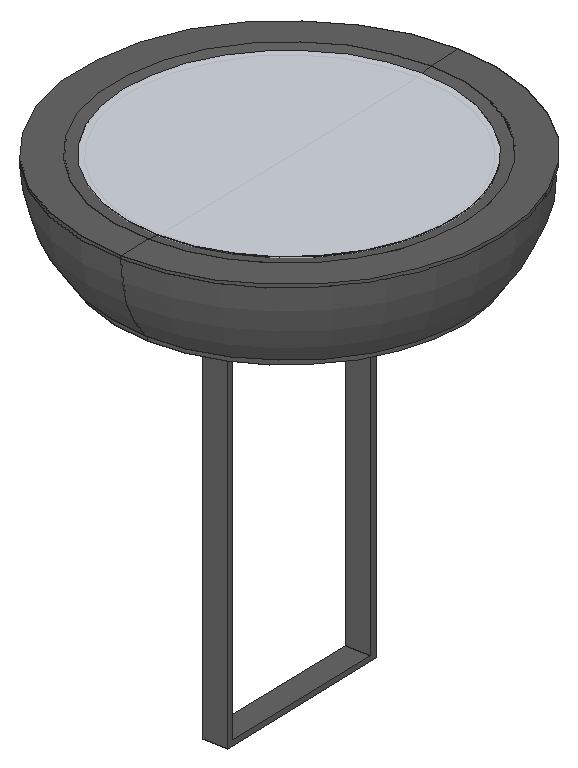
Revit family "SRT2-Yoke Mount", category Lighting Fixtures, host Face, Revit 2021
Family settings
  Host = Face
  Round Connector Dimension = Use Diameter
  Part Type = Normal
  OmniClass Number = 23.80.70.11.14.11
  OmniClass Title = Downlights
  Cut with Voids When Loaded = No
  Light Source = Yes
  Shared = No
  Room Calculation Point = No
Parameters (values of type "SRT2")
  Wattage Comments = "30-140W"
  Wattage = 55 W
  Warranty = "• 5 year warranty\r\n• See HLI Standard Warranty for\r\nadditional information"  # constant formula
  built-in parameter 1150110 = 1 (stored number, unit not read)
  Voltage = 120 V
  built-in parameter 1114217 = 1 (stored number, unit not read)
  Tilt Angle = -90.00°  # constant formula
  built-in parameter 1150109 = 1 (stored number, unit not read)
  built-in parameter 1150134 = 3
  built-in parameter 1150113 = 1 (stored number, unit not read)
  Photometric Web File = "generic.ies"
  Features = "•\tSize measuring 18.5 inch x 4.0 inch\r\n•\tVisual comfort Edge-Lit design\r\n•\t4,000-16,000 lumens\r\n•\tOption uplight module provides 800 lumens of indirect illumination\r\n•\tSurface, pendant and trunnion mounting options\r\n•\tControl options including occupancy sensing, NX Distributed Intelligence™, wiSCAPE®\r\n•\tBattery backup and UL 924 control options\r\n•\tOptional bird shield and vandal deterring wire guard\r\n"  # constant formula
  Cord Height = 17.500"  # constant formula
  built-in parameter 1150105 = 433.3 (stored number, unit not read)
  Lumens = 5445 lm
  built-in parameter 1150115 = 1 (stored number, unit not read)
  built-in parameter 1150137 = (empty or 0)
  built-in parameter 1150139 = (empty or 0)
  built-in parameter 1150112 = 1 (stored number, unit not read)
  built-in parameter 1150114 = 1 (stored number, unit not read)
  built-in parameter 1150132 = (empty or 0)
  built-in parameter 1150102 = (empty or 0)
  built-in parameter 1150107 = 3200 (stored number, unit not read)
  built-in parameter 1150138 = (empty or 0)
  built-in parameter 1150106 = 4.333 (stored number, unit not read)
  Emit from Circle Diameter = 4.000"  # constant formula
  Emit Shape Visible in Rendering = no
  built-in parameter 1150104 = 9.1974 (stored number, unit not read)
  Dimming Lamp Color Temperature Shift = <None>
  Copyright = "© Beacon Products"  # constant formula
  Contact us = ""
  Color Filter = 16777215
  Certifications = "• Listed to UL1598 for use in wet location,\r\nlisted for -40o\r\nC to 40o\r\nC applications\r\n• IDA approved with zero uplight for 3000K\r\nand warmer CCTs\r\n• IP65"  # constant formula
  built-in parameter 1114218 = 1 (stored number, unit not read)
  Ballast = Paint - Carbon Black
  URL = "https://www.currentlighting.com/beacon"
  Product Page URL = ""
  Product Documentation Link = ""
  Model = "SRT2"  # constant formula
  Manufacturer = " Beacon Products"  # constant formula
  Lamp = "LED Lamp"
  Reflector = Glass
  Description = "Large Edge-Lit luminaire, the ideal solution for parking garage and canopy applications. Provides exceptional visual comfort and photometric performance in sleek low profile housing. Available in a wide range of lumen outputs and photometric distributions paired with a specially designed lens for optimal visual comfort and performance. Control options available for site customization and additional energy savings."  # constant formula
  Default Elevation = 48.000"
  built-in parameter 1150133 = 10 (stored number, unit not read)
  Apparent Load = 140 VA  # constant formula
Reference planes (in)
  plane 1 "Center (Front/Back)": y = 0
  plane 2: z = 0
  plane 3 "Center (Left/Right)": x = 0
  plane 4: z = 17.5
  plane 5: z = 17.25
  plane 6: x = -1
  plane 7: y = 1
  plane 8: x = 1
  plane 9: y = -1
Forms (in)
  Extrusion 1, solid, material "Paint - Carbon Black" <- "Ballast"
    sketch origin (0.25239, 0.00543, 0) x (0, 1, 0) y (0, 0, 1)
      loop
        line (-4, 17.5) -> (-4, 0) -> (4.1029, 0) -> (4.1029, 17.5) -> (-4, 17.5)
      loop
        line (-3.80982, 17.3) -> (-3.80982, 0.2) -> (3.8525, 0.2) -> (3.8525, 17.3) -> (-3.80982, 17.3)
    from -0.86066 to 0.24761
Dimensions and locks (in)
  "Cord Height": plane 4 to host face
  locked: plane 4 to plane 5 at 0.25
  plane 6 to plane 3 "Center (Left/Right)" to plane 8 = 1.000" locked, 1.000" locked
  plane 7 to plane 1 "Center (Front/Back)" to plane 9 = 1.000" locked, 1.000" locked
  nested 1 to nested 1 = 18.500"
  nested 1 to plane 4 = 4.000"
  aligned and locked: plane 2 to host face
  aligned and locked: plane 3 "Center (Left/Right)" to nested 1
  aligned and locked: nested 1 to plane 1 "Center (Front/Back)"
  aligned and locked: plane 3 "Center (Left/Right)" to imposter light
Automatic sketch dimensions
  host sketch curve to host sketch curve = 96.000"  (x2)
  Extrusion 1 sketch curve to level = 0.000"
  Extrusion 1 sketch curve to plane 4 = 0.000"
  Extrusion 1 sketch curve to plane 9 = 2.99457"
  Extrusion 1 sketch curve to Extrusion 1 sketch curve = 0.19018"
  plane 5 to Extrusion 1 sketch curve = 0.050"
  plane 7 to Extrusion 1 sketch curve = 2.85793"
  Extrusion 1 sketch curve to Extrusion 1 sketch curve = 0.2504"
  level to Extrusion 1 sketch curve = 0.200"
Nested families (in)
  nested 1: "LTC" at (0, 0, 17.5) x (0, 1, 0) z (0, 0, 1), Ballast <- "Ballast", Reflector <- "Reflector", type "6"
    with Reflector Glass, Ballast Paint - Carbon Black
Connectors (in)
  electrical at (0, 0, 0), driven by "Description", driven by "Voltage", driven by "Apparent Load"
    settings: index 1, voltage 120 V, apparent load 140 VA, apparent load phase1 0 VA, apparent load phase2 0 VA, apparent load phase3 0 VA, power factor 1, load classification "Other", number of poles 1, system type 30, power factor state 1, is connector primary yes, connector utility no, sub classification motor no, connector description "Large Edge-Lit luminaire, the ideal solution for parking garage and canopy applications. Provides exceptional visual comfort and photometric performance in sleek low profile housing. Available in a wide range of lumen outputs and photometric distributions paired with a specially designed lens for optimal visual comfort and performance. Control options available for site customization and additional energy savings."
Definition of nested family "LTC"
  Parameters
    Width = 18.500"
    Wattage Comments = ""
    Lamp = ""
    Ballast [instance] = none
    URL = ""
    Product Page URL = ""
    Product Documentation Link = ""
    Model = ""
    Manufacturer Phone = ""
    Manufacturer Fax = ""
    Manufacturer = "Prescolite"
    Reflector [instance] = none
    Description = ""
    Default Elevation = 48.000"
  Reference planes (in)
    plane 1 "Center (Front/Back)": y = 0
    plane 2: z = 0
    plane 3 "Center (Left/Right)": x = 0
    plane 4: y = 7.75
    plane 5: y = -7.75
    plane 6: x = -9.25
    plane 7: x = 9.25
    plane 8: z = 4
    plane 9: z = 0.125
    plane 10: x = 9.125
    plane 11: z = 3.875
  Forms (in)
    Extrusion 1, solid
      sketch origin (0, 0, 0) x (1, 0, 0) y (0, 1, 0)
        loop
          line (-48, 48) -> (-48, -48) -> (48, -48) -> (48, 48) -> (-48, 48)
      from 0 to -6
    Extrusion 2, solid, material <- "Reflector"
      sketch origin (0, 0, 30.25) x (1, 0, 0) y (0, 1, 0)
        loop
          circle (0, 0) r 7.25
      from -26.375 to -26.30586
    Revolve 3, solid, material <- "Ballast"
      sketch origin (0, 0, -1.25) x (1, 0, 0) y (0, 0, 1)
        loop
          line (0, 1.25) -> (7.75, 1.25) -> (7.75, 1.5) -> (7.87332, 1.5)
          arc (7.87332, 1.5) -> (8.89424, 3.18619) -> (9.25, 5.125) r 5.46092
          line (9.25, 5.125) -> (9.25, 5.25) -> (7.75579, 5.25) -> (7.04688, 5.125) -> (0, 5.125) -> (0, 1.25)
        axis (0, 5.25) -> (0, 1.25)
      angle from 0 to 360
  Dimensions and locks (in)
    locked: plane 4 to plane 1 "Center (Front/Back)" at 7.75
    locked: plane 5 to plane 1 "Center (Front/Back)" at 7.75
    "Width": plane 7 to plane 6
    plane 8 to Extrusion 1 = 4.000"
    locked: plane 8 to plane 11 at 0.125
    locked: plane 7 to plane 10 at 0.125
    equal spacing: plane 7, plane 3 "Center (Left/Right)", plane 6
    locked: plane 9 to Extrusion 1 at 0.125
    aligned and locked: plane 2 to Extrusion 1
  Automatic sketch dimensions
    Extrusion 1 sketch curve to Extrusion 1 sketch curve = 96.000"  (x2)
    plane 1 "Center (Front/Back)" to Extrusion 2 sketch curve = 0.000"
    Extrusion 2 sketch curve to plane 3 "Center (Left/Right)" = 0.000"
    Revolve 3 sketch curve to plane 3 "Center (Left/Right)" = 0.000"  (x2)
    Revolve 3 sketch curve to level = 0.000"
    Revolve 3 sketch curve to plane 11 = 0.000"  (x2)
    Revolve 3 sketch curve to plane 8 = 0.000"
    Revolve 3 sketch curve to plane 7 = 0.000"
    Revolve 3 sketch curve to plane 10 = 2.07813"
    plane 9 to Revolve 3 sketch curve = 0.125"
    Revolve 3 sketch curve to plane 10 = 1.375"
    Revolve 3 sketch curve to Revolve 3 sketch curve = 0.70891"
    Revolve 3 sketch curve to Revolve 3 sketch curve = 0.12332"
    Revolve 3 sketch curve to Revolve 3 sketch curve = 10.000"
    Revolve 3 sketch curve to Revolve 3 sketch curve = 8.000"
    radius of Extrusion 2 sketch curve = 7.250"
